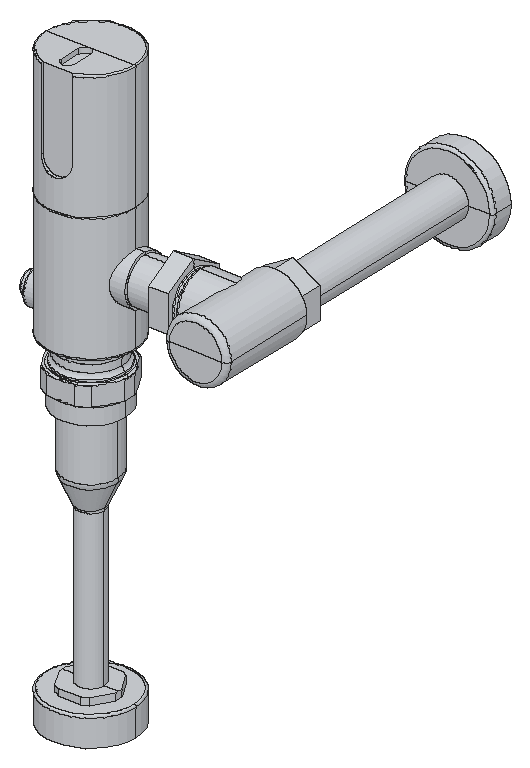
Revit family "Flushometer-Urinal_Touchless-KOHLER-MACH_WAVE-K-40UH00G20_1", category Plumbing Fixtures, host Face, Revit 2017 (continued)
Definition of nested family "K-40UH00G20"
  Automatic sketch dimensions
    plane 1 "Center (Front/Back)" to Masking region 1 sketch curve = 0"
    Masking region 1 sketch curve to plane 11 = 0"
    Masking region 1 sketch curve to Masking region 1 sketch curve = 0.08491"  (x2)
    plane 19 to Masking region 1 sketch curve = 0.37406"
    plane 19 to Masking region 1 sketch curve = 0.49141"
    plane 13 to Masking region 1 sketch curve = 0.13288"
    plane 7 to Masking region 1 sketch curve = 0.56264"
    Masking region 1 sketch curve to plane 7 = 0.56264"
    plane 18 to Masking region 1 sketch curve = 0.51667"
    plane 18 to Masking region 1 sketch curve = 0.49141"
    Masking region 1 sketch curve to Masking region 1 sketch curve = 0.11735"
    plane 18 to Masking region 1 sketch curve = 0.37406"
    Masking region 1 sketch curve to Masking region 1 sketch curve = 0.0484"  (x3)
    Masking region 1 sketch curve to Masking region 1 sketch curve = 0.05396"  (x2)
    Masking region 1 sketch curve to Masking region 1 sketch curve = 0.03442"  (x2)
    Masking region 1 sketch curve to plane 9 = 0.25394"  (x2)
    plane 9 to Masking region 1 sketch curve = 0.20459"  (x2)
    plane 8 to Masking region 1 sketch curve = 0.10236"  (x2)
    Masking region 1 sketch curve to plane 8 = 0.20548"  (x2)
    Masking region 1 sketch curve to Masking region 1 sketch curve = 0.07011"  (x2)
    plane 20 to Masking region 1 sketch curve = 0.05933"  (x2)
    Masking region 1 sketch curve to plane 10 = 0.3"  (x2)
    plane 10 to Masking region 1 sketch curve = 0.32205"  (x2)
    plane 10 to Masking region 1 sketch curve = 0.38227"
    Masking region 1 sketch curve to Masking region 1 sketch curve = 0.11563"
    Masking region 1 sketch curve to Masking region 1 sketch curve = 0.02005"
    Masking region 1 sketch curve to Masking region 1 sketch curve = 0.09499"
    Masking region 1 sketch curve to Masking region 1 sketch curve = 0.05143"
    Masking region 1 sketch curve to Masking region 1 sketch curve = 0.11441"
    Masking region 1 sketch curve to Masking region 1 sketch curve = 0.17374"
    plane 11 to Masking region 1 sketch curve = 0.61614"
    plane 11 to Masking region 1 sketch curve = 0.51168"
    Masking region 1 sketch curve to Masking region 1 sketch curve = 0.00555"
    Masking region 1 sketch curve to Masking region 1 sketch curve = 0.23387"
    curve 5 to curve 6 = 0"  (x2)
    curve 5 to curve 7 = 0"  (x2)
    curve 5 to curve 8 = 0"  (x2)
    curve 5 to curve 12 = 0"  (x2)
    curve 6 to curve 7 = 0"  (x2)
    curve 6 to curve 8 = 0"  (x2)
    curve 6 to curve 12 = 0"  (x2)
    curve 7 to curve 8 = 0"  (x2)
    curve 7 to curve 12 = 0"  (x2)
    curve 8 to curve 12 = 0"  (x2)
    curve 36 to plane 19 = 0"
    plane 23 to curve 35 = 0"
    plane 1 "Center (Front/Back)" to curve 34 = 0"
    curve 36 to plane 18 = 0"
    plane 1 "Center (Front/Back)" to curve 7 = 0"
    curve 7 to plane 9 = 0"
    curve 12 to plane 3 "Center (Left/Right)" = 0"
    curve 13 to plane 3 "Center (Left/Right)" = 0"
    curve 6 to plane 8 = 0"
    plane 1 "Center (Front/Back)" to curve 2 = 0"
    plane 19 to curve 29 = 0.58939"
    plane 7 to curve 31 = 0.16061"
    curve 27 to plane 7 = 0.16061"
    curve 32 to plane 7 = 0.4045"
    curve 33 to plane 1 "Center (Front/Back)" = 0.20585"
    curve 33 to plane 7 = 0.4045"
    curve 27 to curve 26 = 1/2"
    curve 33 to curve 34 = 0.26481"
    plane 11 to curve 11 = 0.11619"
    plane 3 "Center (Left/Right)" to curve 11 = 0.42988"
    plane 3 "Center (Left/Right)" to curve 15 = 0.18307"
    curve 14 to curve 9 = 0.24681"
    curve 4 to plane 8 = 0.09442"
    curve 3 to plane 8 = 0.09442"
    plane 20 to curve 2 = 0.03328"
    plane 10 to curve 30 = 0.32205"
    curve 27 to curve 30 = 0"
    plane 10 to curve 21 = 0.47726"
    curve 3 to plane 1 "Center (Front/Back)" = 0.18412"
    curve 5 to curve 13 = 0.20669"
    plane 11 to curve 23 = 0.47726"
    plane 11 to curve 16 = 0.45276"
    plane 13 to curve 79 = 0.14261"
    plane 19 to curve 79 = 0.37441"
    plane 7 to curve 35 = 0.56264"
    curve 29 to curve 25 = 0.09815"
    curve 25 to curve 26 = 0.09797"
    curve 35 to plane 7 = 0.56264"
    plane 18 to curve 32 = 0.37406"
    curve 26 to curve 33 = 0.21533"
    plane 18 to curve 79 = 0.37406"
    curve 20 to curve 19 = 0.10322"
    curve 23 to curve 18 = 0"
    curve 21 to curve 18 = 0"
    curve 17 to plane 9 = 0.25394"
    plane 9 to curve 7 = 0.20459"
    plane 9 to curve 8 = 0.20459"
    plane 8 to curve 6 = 0.10236"
    plane 8 to curve 5 = 0.10236"
    curve 2 to curve 3 = 0.18117"
    curve 36 to plane 23 = 0.08491"
    curve 29 to plane 10 = 0.3"
    curve 26 to plane 10 = 0.3"
    curve 28 to plane 10 = 0.3"
    curve 26 to curve 33 = 0.11563"
    curve 19 to curve 20 = 0.03442"
    curve 21 to curve 18 = 0.13888"
    curve 7 to curve 17 = 0.05143"
    curve 1 to curve 3 = 0.12677"
    curve 22 to plane 1 "Center (Front/Back)" = 0.05692"
    plane 1 "Center (Front/Back)" to curve 24 = 0.05692"
    curve 4 to curve 1 = 0.12677"
    curve 17 to curve 8 = 0.05143"
    curve 18 to curve 23 = 0.13888"
    curve 20 to curve 19 = 0.03442"
    plane 11 to curve 32 = 0.43768"
    curve 9 to curve 12 = 0.00543"
    curve 12 to curve 11 = 0.03452"
    curve 12 to curve 10 = 0.03452"
    Revolve 11 sketch curve to level = 0"
    Revolve 11 sketch curve to plane 3 "Center (Left/Right)" = 0"  (x2)
    plane 9 to Revolve 11 sketch curve = 0"  (x3)
    plane 3 "Center (Left/Right)" to Revolve 11 sketch curve = 3/8"
    Revolve 11 sketch curve to Revolve 11 sketch curve = 0.01565"
    plane 3 "Center (Left/Right)" to Revolve 11 sketch curve = 0.41839"
    Revolve 11 sketch curve to Revolve 11 sketch curve = 0.15135"
    Revolve 11 sketch curve to Revolve 11 sketch curve = 0.30762"
    plane 9 to Revolve 11 sketch curve = 63/128"
    plane 9 to Revolve 11 sketch curve = 0.38333"
    plane 9 to Revolve 11 sketch curve = 0.32591"
    plane 16 to Revolve 11 sketch curve = 1/128"
    Revolve 11 sketch curve to Revolve 11 sketch curve = 0.07563"
    Revolve 11 sketch curve to Revolve 11 sketch curve = 0.22644"
    Revolve 11 sketch curve to Revolve 11 sketch curve = 0.05918"
    Revolve 11 sketch curve to plane 17 = 0.00832"
    Revolve 11 sketch curve to Revolve 11 sketch curve = 0.02806"
    plane 17 to Revolve 11 sketch curve = 0.03176"
    Revolve 11 sketch curve to Revolve 11 sketch curve = 0.09501"
    plane 16 to Revolve 11 sketch curve = 0.02105"
    Revolve 11 sketch curve to Revolve 11 sketch curve = 0.07509"
    plane 9 to Revolve 11 sketch curve = 0.11631"
    Revolve 11 sketch curve to Revolve 11 sketch curve = 0.05712"
    plane 16 to Revolve 11 sketch curve = 0.04719"
    Revolve 11 sketch curve to Revolve 11 sketch curve = 0.0147"  (x2)
    Revolve 11 sketch curve to plane 17 = 0.05784"
    Revolve 11 sketch curve to Revolve 11 sketch curve = 11/256"
    plane 9 to Revolve 11 sketch curve = 0.06795"
    plane 9 to Revolve 11 sketch curve = 0.05891"
    plane 9 to Revolve 11 sketch curve = 0.03642"
    Revolve 11 sketch curve to Revolve 11 sketch curve = 0.03287"
    Revolve 11 sketch curve to Revolve 11 sketch curve = 0.03235"
    Revolve 11 sketch curve to Revolve 11 sketch curve = 0.02814"
    level to Revolve 11 sketch curve = 0.75359"
    Revolve 11 sketch curve to Revolve 11 sketch curve = 3/16"
    plane 17 to Revolve 11 sketch curve = 3.01711"
    Revolve 11 sketch curve to Revolve 11 sketch curve = 0.71919"
    plane 17 to Revolve 11 sketch curve = 0.47885"
    Revolve 11 sketch curve to plane 16 = 0.03563"
    Revolve 11 sketch curve to Revolve 11 sketch curve = 0.20814"
    plane 14 to Revolve 11 sketch curve = 0.44548"
    Revolve 11 sketch curve to plane 6 = 2 3/4"
    Revolve 11 sketch curve to Revolve 11 sketch curve = 2 3/4"
    Masking region 3 sketch curve to plane 13 = 0"
    Masking region 3 sketch curve to plane 11 = 0"  (x4)
    plane 16 to Masking region 3 sketch curve = 0"  (x2)
    plane 17 to Masking region 3 sketch curve = 0"  (x2)
    Masking region 3 sketch curve to plane 10 = 0"  (x4)
    Masking region 3 sketch curve to plane 23 = 0"
    Masking region 3 sketch curve to plane 14 = 0"
    Masking region 3 sketch curve to plane 13 = 0.60717"
    plane 13 to Masking region 3 sketch curve = 0.14718"  (x2)
    Masking region 3 sketch curve to Masking region 3 sketch curve = 0.02816"  (x2)
    plane 11 to Masking region 3 sketch curve = 0.0311"
    plane 11 to Masking region 3 sketch curve = 0.0361"
    plane 11 to Masking region 3 sketch curve = 0.05371"
    Masking region 3 sketch curve to Masking region 3 sketch curve = 0.05988"  (x2)
    Masking region 3 sketch curve to Masking region 3 sketch curve = 0.04483"
    plane 6 to Masking region 3 sketch curve = 0.0382"
    plane 11 to Masking region 3 sketch curve = 0.07624"
    plane 11 to Masking region 3 sketch curve = 0.20067"
    Masking region 3 sketch curve to Masking region 3 sketch curve = 0.01587"
    Masking region 3 sketch curve to Masking region 3 sketch curve = 0.04921"  (x2)
    Masking region 3 sketch curve to plane 16 = 0.03563"  (x2)
    Masking region 3 sketch curve to Masking region 3 sketch curve = 0.09116"
    Masking region 3 sketch curve to Masking region 3 sketch curve = 0.18237"
    Masking region 3 sketch curve to Masking region 3 sketch curve = 0.22644"
    Masking region 3 sketch curve to Masking region 3 sketch curve = 0.45743"
    Masking region 3 sketch curve to Masking region 3 sketch curve = 0.03497"
    plane 11 to Masking region 3 sketch curve = 0.62119"
    Masking region 3 sketch curve to Masking region 3 sketch curve = 0.23025"  (x2)
    Masking region 3 sketch curve to Masking region 3 sketch curve = 0.3732"
    Masking region 3 sketch curve to Masking region 3 sketch curve = 0.0238"  (x2)
    Masking region 3 sketch curve to plane 1 "Center (Front/Back)" = 0.37476"
    Masking region 3 sketch curve to plane 1 "Center (Front/Back)" = 0.38461"
    Masking region 3 sketch curve to Masking region 3 sketch curve = 0.33824"
    Masking region 3 sketch curve to Masking region 3 sketch curve = 0.35793"
    plane 10 to Masking region 3 sketch curve = 63/128"
    plane 10 to Masking region 3 sketch curve = 0.38304"
    Masking region 3 sketch curve to Masking region 3 sketch curve = 0.07534"
    plane 10 to Masking region 3 sketch curve = 0.26575"
    Masking region 3 sketch curve to Masking region 3 sketch curve = 0.10702"
    plane 10 to Masking region 3 sketch curve = 0.07299"
    plane 10 to Masking region 3 sketch curve = 0.05371"
    plane 6 to Masking region 3 sketch curve = 0.04025"
    Masking region 3 sketch curve to Masking region 3 sketch curve = 0.03503"
    Masking region 3 sketch curve to Masking region 3 sketch curve = 0.03194"
    Masking region 3 sketch curve to plane 14 = 0.0804"
    Masking region 3 sketch curve to plane 5 = 0.0179"
    level to Masking region 3 sketch curve = 0.75262"
    Masking region 3 sketch curve to Masking region 3 sketch curve = 0.75262"
    Masking region 3 sketch curve to Masking region 3 sketch curve = 3/16"  (x2)
    plane 17 to Masking region 3 sketch curve = 3.04236"
    Masking region 3 sketch curve to Masking region 3 sketch curve = 0"
    Masking region 3 sketch curve to Masking region 3 sketch curve = 0.69543"  (x2)
    plane 17 to Masking region 3 sketch curve = 0.47885"  (x2)
    Masking region 3 sketch curve to Masking region 3 sketch curve = 0.18862"  (x2)
    plane 22 to Masking region 3 sketch curve = 0.14583"
    Masking region 3 sketch curve to plane 22 = 0.1665"
    plane 4 "A" to Masking region 3 sketch curve = 0.56196"
    Masking region 3 sketch curve to plane 14 = 0.52288"
    Masking region 3 sketch curve to plane 14 = 0.37406"
    plane 14 to Masking region 3 sketch curve = 0.4426"
    Masking region 3 sketch curve to Masking region 3 sketch curve = 0.82671"
    Revolve 12 sketch curve to plane 8 = 0"  (x2)
    Revolve 12 sketch curve to level = 0"
    Revolve 12 sketch curve to plane 3 "Center (Left/Right)" = 0"  (x2)
    plane 8 to Revolve 12 sketch curve = 63/128"
    Revolve 12 sketch curve to plane 3 "Center (Left/Right)" = 3/8"
    Revolve 12 sketch curve to Revolve 12 sketch curve = 0.81496"
    plane 17 to Revolve 12 sketch curve = 2.95353"
    plane 17 to Revolve 12 sketch curve = 0.47885"
    Revolve 12 sketch curve to Revolve 12 sketch curve = 1 1/2"
    Revolve 12 sketch curve to Revolve 12 sketch curve = 1"
    Revolve 13 sketch curve to plane 7 = 0"
    Revolve 13 sketch curve to Revolve 13 sketch curve = 0.3133"
    plane 12 to Revolve 13 sketch curve = 0.84583"
    Revolve 13 sketch curve to Revolve 13 sketch curve = 1/2"
    Revolve 3 sketch curve to Revolve 3 sketch curve = 0.05745"
    Masking region 2 sketch curve to plane 20 = 0"
    Masking region 2 sketch curve to plane 22 = 0"
    Masking region 2 sketch curve to plane 8 = 0"  (x4)
    Masking region 2 sketch curve to plane 16 = 0"
    Masking region 2 sketch curve to plane 17 = 0"
    plane 9 to Masking region 2 sketch curve = 0"  (x4)
    Masking region 2 sketch curve to plane 4 "A" = 0"
    Masking region 2 sketch curve to plane 7 = 0"
    plane 20 to Masking region 2 sketch curve = 0.06015"
    Masking region 2 sketch curve to Masking region 2 sketch curve = 0.06015"
    Masking region 2 sketch curve to Masking region 2 sketch curve = 0.16426"  (x2)
    Masking region 2 sketch curve to Masking region 2 sketch curve = 0.02512"
    Masking region 2 sketch curve to Masking region 2 sketch curve = 0.0612"
    Masking region 2 sketch curve to plane 8 = 0.09402"
    Masking region 2 sketch curve to plane 22 = 0.03555"
    Masking region 2 sketch curve to Masking region 2 sketch curve = 0.05138"
    plane 8 to Masking region 2 sketch curve = 0.02746"
    plane 8 to Masking region 2 sketch curve = 0.03129"
    Masking region 2 sketch curve to Masking region 2 sketch curve = 0.00106"
    Masking region 2 sketch curve to Masking region 2 sketch curve = 0.03607"  (x2)
    plane 8 to Masking region 2 sketch curve = 0.05773"
    plane 8 to Masking region 2 sketch curve = 0.07626"
    plane 8 to Masking region 2 sketch curve = 0.16319"
    Masking region 2 sketch curve to Masking region 2 sketch curve = 0.04228"
    Masking region 2 sketch curve to Masking region 2 sketch curve = 0.00475"
    Masking region 2 sketch curve to Masking region 2 sketch curve = 0.06286"
    plane 8 to Masking region 2 sketch curve = 0.26575"
    Masking region 2 sketch curve to Masking region 2 sketch curve = 0.10223"  (x2)
    Masking region 2 sketch curve to Masking region 2 sketch curve = 0.07532"  (x2)
    Masking region 2 sketch curve to Masking region 2 sketch curve = 13/32"
    plane 8 to Masking region 2 sketch curve = 63/128"
    Masking region 2 sketch curve to Masking region 2 sketch curve = 0.02861"  (x2)
    Masking region 2 sketch curve to plane 3 "Center (Left/Right)" = 0.51608"
    Masking region 2 sketch curve to Masking region 2 sketch curve = 0.27675"  (x2)
    Masking region 2 sketch curve to Masking region 2 sketch curve = 0.12786"  (x2)
    Masking region 2 sketch curve to Masking region 2 sketch curve = 0.01322"  (x2)
    plane 3 "Center (Left/Right)" to Masking region 2 sketch curve = 3/8"
    plane 3 "Center (Left/Right)" to Masking region 2 sketch curve = 0.45245"
    Masking region 2 sketch curve to Masking region 2 sketch curve = 0.41103"
    plane 9 to Masking region 2 sketch curve = 0.38302"
    Masking region 2 sketch curve to plane 16 = 0.03563"  (x2)
    Masking region 2 sketch curve to Masking region 2 sketch curve = 0.22644"
    plane 17 to Masking region 2 sketch curve = 0.0397"
    Masking region 2 sketch curve to Masking region 2 sketch curve = 0.1728"
    plane 16 to Masking region 2 sketch curve = 0.04228"
    plane 9 to Masking region 2 sketch curve = 0.07626"
    Masking region 2 sketch curve to Masking region 2 sketch curve = 0.05773"
    Masking region 2 sketch curve to Masking region 2 sketch curve = 0.03235"
    Masking region 2 sketch curve to Masking region 2 sketch curve = 0.03129"
    Masking region 2 sketch curve to Masking region 2 sketch curve = 0.02746"
    Masking region 2 sketch curve to plane 9 = 0.25394"  (x2)
    Masking region 2 sketch curve to plane 22 = 0.09489"
    plane 22 to Masking region 2 sketch curve = 0.00986"
    plane 25 to Masking region 2 sketch curve = 0.03302"
    Masking region 2 sketch curve to Masking region 2 sketch curve = 0.03381"
    Masking region 2 sketch curve to Masking region 2 sketch curve = 0.0702"
    Masking region 2 sketch curve to Masking region 2 sketch curve = 0.0694"
    Masking region 2 sketch curve to Masking region 2 sketch curve = 0.05689"  (x2)
    plane 22 to Masking region 2 sketch curve = 0.02587"
    Masking region 2 sketch curve to plane 18 = 0.0569"
    Masking region 2 sketch curve to Masking region 2 sketch curve = 0.04087"
    plane 18 to Masking region 2 sketch curve = 0.29977"
    plane 22 to Masking region 2 sketch curve = 0.08367"
    level to Masking region 2 sketch curve = 0.75477"  (x2)
    Masking region 2 sketch curve to Masking region 2 sketch curve = 3/16"  (x2)
    Masking region 2 sketch curve to Masking region 2 sketch curve = 2.53431"
    Masking region 2 sketch curve to Masking region 2 sketch curve = 0"  (x2)
    Masking region 2 sketch curve to Masking region 2 sketch curve = 0.73124"  (x2)
    Masking region 2 sketch curve to Masking region 2 sketch curve = 0.43915"
    Masking region 2 sketch curve to Masking region 2 sketch curve = 0.21605"  (x2)
    Masking region 2 sketch curve to Masking region 2 sketch curve = 0.12445"
    Masking region 2 sketch curve to Masking region 2 sketch curve = 0.12282"
    Masking region 2 sketch curve to plane 5 = 0.18553"
    plane 22 to Masking region 2 sketch curve = 0.2083"
    Masking region 2 sketch curve to plane 22 = 0.04318"
    Masking region 2 sketch curve to Masking region 2 sketch curve = 0.07381"
    Masking region 2 sketch curve to Masking region 2 sketch curve = 0.0578"
    plane 14 to Masking region 2 sketch curve = 0.44707"  (x2)
    Masking region 2 sketch curve to Masking region 2 sketch curve = 0.03039"
    curve 68 to curve 75 = 0.55118"
    Masking region 1 sketch curve to plane 18 = 0.0523"  (x2)
    Masking region 1 sketch curve to Masking region 1 sketch curve = 0.06879"  (x2)
    Masking region 1 sketch curve to Masking region 1 sketch curve = 0.55118"  (x2)
    Masking region 2 sketch curve to plane 25 = 0"  (x2)
    Revolve 16 sketch curve to plane 3 "Center (Left/Right)" = 0"
    Revolve 16 sketch curve to plane 7 = 0"
    Revolve 16 sketch curve to plane 14 = 0.43786"
    Revolve 16 sketch curve to plane 14 = 0.24803"
    Revolve 16 sketch curve to Revolve 16 sketch curve = 1/2"
    Revolve 16 sketch curve to plane 8 = 1/4"
    radius of Extrusion 1 sketch curve = 1.31929"
    radius of Extrusion 2 sketch curve = 1.08041"
    radius of Extrusion 5 sketch curve = 1.18947"
    radius of Extrusion 6 sketch curve = 1.06894"
    radius of Extrusion 14 sketch curve = 0.49459"
    radius of Extrusion 15 sketch curve = 0.22469"
Definition of nested family "K-40UH00G20_RF"
  Parameters (values of type "K-40UH00D20_RF")
    Material = none
  Reference planes (in)
    plane 1 "Center (Front/Back)": y = 0
    plane 2: z = 0
    plane 3 "Center (Left/Right)": x = 0
    plane 4: x = -1.25
    plane 5: x = 1.25
    plane 6: y = 1.25
    plane 7: y = -1.25
    plane 8: x = 3.5
    plane 9: x = -1.75
    plane 10: z = 8.0625
    plane 11: z = 2.75
    plane 12: z = 1.625
    plane 13: z = 3.41339
    plane 14: z = 2.08661
  Forms (in)
    Revolve 1, solid, material <- "Material", detail levels medium+fine
      sketch origin (0, 0, 0) x (1, 0, 0) y (0, 0, 1)
        loop
          line (-0.88082, 0) -> (0, 0) -> (0, 8.0625) -> (-1.14375, 8.0625)
          arc (-1.14375, 8.0625) -> (-1.21888, 8.03138) -> (-1.25, 7.95625) r 0.10625
          line (-1.25, 7.95625) -> (-1.25, 4.50787) -> (-1.21881, 4.50787)
          arc (-1.21881, 4.50787) -> (-1.24098, 4.4975) -> (-1.25, 4.47475) r 0.03319
          line (-1.25, 4.47475) -> (-1.25, 0.99317)
          arc (-1.25, 0.99317) -> (-1.23586, 0.95902) -> (-1.20172, 0.94488) r 0.04828
          line (-1.20172, 0.94488) -> (-1.14484, 0.94488)
          arc (-1.14484, 0.94488) -> (-0.94613, 0.8404) -> (-0.86657, 0.63047) r 0.31676
          line (-0.86657, 0.63047) -> (-0.86657, 0.39337)
          arc (-0.86657, 0.39337) -> (-0.88525, 0.32461) -> (-0.93614, 0.27475) r 0.13591
          line (-0.93614, 0.27475) -> (-0.93614, 0.05532)
          arc (-0.93614, 0.05532) -> (-0.91994, 0.0162) -> (-0.88082, 0) r 0.05532
        axis (0, 8.0625) -> (0, 0)
      angle from 0 to 360
    Revolve 2, solid, material <- "Material", detail levels medium+fine
      sketch origin (0, 0, 0) x (1, 0, 0) y (0, 0, 1)
        loop
          line (-1.56851, 1.90216) -> (-1.72648, 1.90216)
          arc (-1.72648, 1.90216) -> (-1.74311, 1.89527) -> (-1.75, 1.87864) r 0.02352
          line (-1.75, 1.87864) -> (-1.75, 1.625) -> (-0.80386, 1.625) -> (-0.80386, 2.12686) -> (-1.50097, 2.12686)
          arc (-1.50097, 2.12686) -> (-1.51838, 2.11965) -> (-1.52559, 2.10224) r 0.02462
          line (-1.52559, 2.10224) -> (-1.52559, 1.94508)
          arc (-1.52559, 1.94508) -> (-1.53816, 1.91473) -> (-1.56851, 1.90216) r 0.04292
        axis (-1.75, 1.625) -> (-0.80386, 1.625)
      angle from 0 to 360
    Revolve 3, solid, material <- "Material", detail levels medium+fine
      sketch origin (0, 0, 0) x (1, 0, 0) y (0, 0, 1)
        loop
          arc (3.5, 3.69017) -> (3.47483, 3.75093) -> (3.41406, 3.7761) r 0.08594
          line (3.41406, 3.7761) -> (3.02725, 3.7761)
          arc (3.02725, 3.7761) -> (2.96622, 3.75083) -> (2.94094, 3.6898) r 0.08631
          line (2.94094, 3.6898) -> (2.94094, 3.41339) -> (1.50394, 3.41339)
          arc (1.50394, 3.41339) -> (1.48689, 3.45104) -> (1.44853, 3.46644) r 0.05546
          line (1.44853, 3.46644) -> (0, 3.46644) -> (0, 2.75) -> (3.5, 2.75) -> (3.5, 3.69017)
        axis (0, 2.75) -> (3.5, 2.75)
      angle from 0 to 360
    Extrusion 4, void
      sketch origin (0, 0, 0) x (1, 0, 0) y (0, 0, 1)
        loop
          line (-1.50119, 2.08661) -> (-1.36715, 2.08661)
          arc (-1.36715, 2.08661) -> (-1.35018, 2.09038) -> (-1.33639, 2.10096) r 0.04016
          line (-1.33639, 2.10096) -> (-1.29886, 2.14569) -> (-1.52559, 2.14569) -> (-1.52559, 2.06221)
          arc (-1.52559, 2.06221) -> (-1.51844, 2.07947) -> (-1.50119, 2.08661) r 0.0244
        loop
          arc (-1.50119, 1.16339) -> (-1.51844, 1.17053) -> (-1.52559, 1.18779) r 0.0244
          line (-1.52559, 1.18779) -> (-1.52559, 1.10431) -> (-1.29886, 1.10431) -> (-1.33639, 1.14904)
          arc (-1.33639, 1.14904) -> (-1.35018, 1.15962) -> (-1.36715, 1.16339) r 0.04016
          line (-1.36715, 1.16339) -> (-1.50119, 1.16339)
      from -0.68678 to 0.88583
    Extrusion 5, void
      sketch origin (0, 0, 0) x (0, 1, 0) y (0, 0, 1)
        loop
          line (0.07137, 3.73166) -> (-0.07137, 3.73166) -> (-0.81446, 3.30264) -> (-0.88583, 3.17903) -> (-0.88583, 2.32097) -> (-0.81446, 2.19736) -> (-0.05091, 1.75653) -> (0.05091, 1.75653) -> (0.81446, 2.19736) -> (0.88583, 2.32097) -> (0.88583, 3.17903) -> (0.81446, 3.30264) -> (0.07137, 3.73166)
        loop
          circle (0, 2.75) r 1.31266
      from 2.77746 to 3.82054
    Extrusion 6, void
      sketch origin (0, 0, 0) x (1, 0, 0) y (0, 1, 0)
        loop
          line (-0.1811, -0.20669) -> (-0.1811, -0.79724)
          arc (-0.1811, -0.79724) -> (0, -0.97835) -> (0.1811, -0.79724) r 0.1811
          line (0.1811, -0.79724) -> (0.1811, -0.20669)
          arc (0.1811, -0.20669) -> (0, -0.02559) -> (-0.1811, -0.20669) r 0.1811
      from 8.01842 to 8.37387
    Sweep 7, void
      path origin (0, 0, 0) x (0, 1, 0) y (0, 0, 1)
        loop
          line (-1.18134, 9.15133) -> (-1.18134, 5.77936)
          arc (-1.18134, 5.77936) -> (-1.23122, 5.4282) -> (-1.37691, 5.10481) r 1.26114
      profile origin (0, -1.18134, 7.46535) x (1, 0, 0) y (0, 1, 0)
        loop
          line (0.43832, 0) -> (-0.43832, 0) -> (-0.43832, -0.13731) -> (0.43832, -0.13731) -> (0.43832, 0)
    Revolve 8, solid, material <- "Material", detail levels coarse
      sketch origin (0, 0, 0) x (1, 0, 0) y (0, 0, 1)
        loop
          line (-1.25, 8.0625) -> (-1.25, 0.94488) -> (-0.93614, 0.94488) -> (-0.93614, 0) -> (0, 0) -> (0, 8.0625) -> (-1.25, 8.0625)
        axis (0, 8.0625) -> (0, 0)
      angle from 0 to 360
    Revolve 9, solid, material <- "Material", detail levels coarse
      sketch origin (0, 0, 0) x (1, 0, 0) y (0, 0, 1)
        loop
          line (0, 3.41339) -> (0, 2.75) -> (3.5, 2.75) -> (3.5, 3.73166) -> (2.94094, 3.73166) -> (2.94094, 3.41339) -> (0, 3.41339)
        axis (0, 2.75) -> (3.5, 2.75)
      angle from 0 to 360
    Revolve 10, solid, material <- "Material", detail levels coarse
      sketch origin (0, 0, 0) x (1, 0, 0) y (0, 0, 1)
        loop
          line (-1.75, 2.08661) -> (-1.75, 1.625) -> (-0.84874, 1.625) -> (-0.84874, 2.08661) -> (-1.75, 2.08661)
        axis (-1.75, 1.625) -> (-0.84874, 1.625)
      angle from 0 to 360
    Extrusion 11, solid, material <- "Material", detail levels medium+fine
      sketch origin (0, 0, 0) x (0, 1, 0) y (0, 0, 1)
        loop
          circle (0, 2.75) r 0.09716
      from 3.30818 to 3.5
  Cuts and joins
    Extrusion 6, Sweep 7 cuts Revolve 1
    Extrusion 4 cuts Revolve 2
    Extrusion 5 cuts Revolve 3
    joined: Revolve 1, Revolve 2, Revolve 3
  Lines and regions (in)
    Masking region 1
      outline origin (0, 0, 0) x (1, 0, 0) y (0, 0, 1)
        loop
          line (-0.93614, 0.27475) -> (-0.93614, 0.05532)
          arc (-0.93614, 0.05532) -> (-0.91994, 0.0162) -> (-0.88082, 0) r 0.05532
          line (-0.88082, 0) -> (0.88082, 0)
          arc (0.88082, 0) -> (0.91994, 0.0162) -> (0.93614, 0.05532) r 0.05532
          line (0.93614, 0.05532) -> (0.93614, 0.27475)
          arc (0.93614, 0.27475) -> (0.88525, 0.32461) -> (0.86657, 0.39337) r 0.13591
          line (0.86657, 0.39337) -> (0.86657, 0.63047)
          arc (0.86657, 0.63047) -> (0.94613, 0.8404) -> (1.14484, 0.94488) r 0.31676
          line (1.14484, 0.94488) -> (1.20172, 0.94488)
          arc (1.20172, 0.94488) -> (1.23586, 0.95902) -> (1.25, 0.99317) r 0.04828
          line (1.25, 0.99317) -> (1.25, 1.8773)
          arc (1.25, 1.8773) -> (1.29576, 1.98778) -> (1.40625, 2.03355) r 0.15625
          line (1.40625, 2.03355) -> (1.44594, 2.03355)
          arc (1.44594, 2.03355) -> (1.48524, 2.04882) -> (1.50394, 2.08661) r 0.05823
          line (1.50394, 2.08661) -> (2.94094, 2.08661) -> (2.94094, 1.8236)
          arc (2.94094, 1.8236) -> (2.95713, 1.78452) -> (2.9962, 1.76834) r 0.05526
          line (2.9962, 1.76834) -> (3.44424, 1.76834)
          arc (3.44424, 1.76834) -> (3.48367, 1.78467) -> (3.5, 1.82409) r 0.05576
          line (3.5, 1.82409) -> (3.5, 3.67591)
          arc (3.5, 3.67591) -> (3.48367, 3.71533) -> (3.44424, 3.73166) r 0.05576
          line (3.44424, 3.73166) -> (2.9962, 3.73166)
          arc (2.9962, 3.73166) -> (2.95713, 3.71548) -> (2.94094, 3.6764) r 0.05526
          line (2.94094, 3.6764) -> (2.94094, 3.41339) -> (1.50394, 3.41339)
          arc (1.50394, 3.41339) -> (1.48524, 3.45118) -> (1.44594, 3.46645) r 0.05823
          line (1.44594, 3.46645) -> (1.40682, 3.46645)
          arc (1.40682, 3.46645) -> (1.29593, 3.51238) -> (1.25, 3.62327) r 0.15682
          line (1.25, 3.62327) -> (1.25, 4.47475)
          arc (1.25, 4.47475) -> (1.24098, 4.4975) -> (1.21881, 4.50787) r 0.03319
          line (1.21881, 4.50787) -> (1.25, 4.50787) -> (1.25, 7.95625)
          arc (1.25, 7.95625) -> (1.21888, 8.03138) -> (1.14375, 8.0625) r 0.10625
          line (1.14375, 8.0625) -> (-1.14375, 8.0625)
          arc (-1.14375, 8.0625) -> (-1.21888, 8.03138) -> (-1.25, 7.95625) r 0.10625
          line (-1.25, 7.95625) -> (-1.25, 4.50787) -> (-1.21881, 4.50787)
          arc (-1.21881, 4.50787) -> (-1.24098, 4.4975) -> (-1.25, 4.47475) r 0.03319
          line (-1.25, 4.47475) -> (-1.25, 2.12686) -> (-1.31466, 2.12686) -> (-1.33639, 2.10096)
          arc (-1.33639, 2.10096) -> (-1.35018, 2.09038) -> (-1.36715, 2.08661) r 0.04016
          line (-1.36715, 2.08661) -> (-1.50283, 2.08661)
          arc (-1.50283, 2.08661) -> (-1.51937, 2.07976) -> (-1.52623, 2.06322) r 0.0234
          line (-1.52623, 2.06322) -> (-1.52623, 1.94441)
          arc (-1.52623, 1.94441) -> (-1.53855, 1.91466) -> (-1.56831, 1.90233) r 0.04208
          line (-1.56831, 1.90233) -> (-1.72594, 1.90233)
          arc (-1.72594, 1.90233) -> (-1.74295, 1.89529) -> (-1.75, 1.87827) r 0.02406
          line (-1.75, 1.87827) -> (-1.75, 1.625) -> (-1.75, 1.37173)
          arc (-1.75, 1.37173) -> (-1.74295, 1.35471) -> (-1.72594, 1.34767) r 0.02406
          line (-1.72594, 1.34767) -> (-1.56831, 1.34767)
          arc (-1.56831, 1.34767) -> (-1.53855, 1.33534) -> (-1.52623, 1.30559) r 0.04208
          line (-1.52623, 1.30559) -> (-1.52623, 1.18678)
          arc (-1.52623, 1.18678) -> (-1.51937, 1.17024) -> (-1.50283, 1.16339) r 0.0234
          line (-1.50283, 1.16339) -> (-1.36715, 1.16339)
          arc (-1.36715, 1.16339) -> (-1.35018, 1.15962) -> (-1.33639, 1.14904) r 0.04016
          line (-1.33639, 1.14904) -> (-1.31466, 1.12314) -> (-1.25, 1.12314) -> (-1.25, 0.99317)
          arc (-1.25, 0.99317) -> (-1.23586, 0.95902) -> (-1.20172, 0.94488) r 0.04828
          line (-1.20172, 0.94488) -> (-1.14484, 0.94488)
          arc (-1.14484, 0.94488) -> (-0.94613, 0.8404) -> (-0.86657, 0.63047) r 0.31676
          line (-0.86657, 0.63047) -> (-0.86657, 0.39337)
          arc (-0.86657, 0.39337) -> (-0.88525, 0.32461) -> (-0.93614, 0.27475) r 0.13591
    Masking region 2
      outline origin (0, 0, 0) x (1, 0, 0) y (0, 1, 0)
        loop
          line (-1.14484, 0.50183) -> (-1.49599, 0.50183)
          arc (-1.49599, 0.50183) -> (-1.51709, 0.49309) -> (-1.52583, 0.472) r 0.02983
          line (-1.52583, 0.472) -> (-1.52583, 0.3243)
          arc (-1.52583, 0.3243) -> (-1.5396, 0.29104) -> (-1.57287, 0.27726) r 0.04704
          line (-1.57287, 0.27726) -> (-1.7247, 0.27726)
          arc (-1.7247, 0.27726) -> (-1.74259, 0.26985) -> (-1.75, 0.25196) r 0.0253
          line (-1.75, 0.25196) -> (-1.75, -0.25196)
          arc (-1.75, -0.25196) -> (-1.74259, -0.26985) -> (-1.7247, -0.27726) r 0.0253
          line (-1.7247, -0.27726) -> (-1.57287, -0.27726)
          arc (-1.57287, -0.27726) -> (-1.5396, -0.29104) -> (-1.52583, -0.3243) r 0.04704
          line (-1.52583, -0.3243) -> (-1.52583, -0.472)
          arc (-1.52583, -0.472) -> (-1.51709, -0.49309) -> (-1.49599, -0.50183) r 0.02983
          line (-1.49599, -0.50183) -> (-1.14484, -0.50183)
          arc (-1.14484, -0.50183) -> (-0.68382, -1.04637) -> (0, -1.25) r 1.25
          arc (0, -1.25) -> (0.57744, -1.10863) -> (1.02427, -0.71651) r 1.25
          line (1.02427, -0.71651) -> (1.44979, -0.71651)
          arc (1.44979, -0.71651) -> (1.48772, -0.70101) -> (1.50394, -0.66339) r 0.05415
          line (1.50394, -0.66339) -> (2.94094, -0.66339) -> (2.94094, -0.81485)
          arc (2.94094, -0.81485) -> (2.96173, -0.86504) -> (3.01192, -0.88583) r 0.07098
          line (3.01192, -0.88583) -> (3.42969, -0.88583)
          arc (3.42969, -0.88583) -> (3.47941, -0.86523) -> (3.5, -0.81551) r 0.07031
          line (3.5, -0.81551) -> (3.5, 0.81551)
          arc (3.5, 0.81551) -> (3.47941, 0.86523) -> (3.42969, 0.88583) r 0.07031
          line (3.42969, 0.88583) -> (3.01192, 0.88583)
          arc (3.01192, 0.88583) -> (2.96173, 0.86504) -> (2.94094, 0.81485) r 0.07098
          line (2.94094, 0.81485) -> (2.94094, 0.66339) -> (1.50394, 0.66339)
          arc (1.50394, 0.66339) -> (1.48772, 0.70101) -> (1.44979, 0.71651) r 0.05415
          line (1.44979, 0.71651) -> (1.02427, 0.71651)
          arc (1.02427, 0.71651) -> (0.57744, 1.10863) -> (0, 1.25) r 1.25
          arc (0, 1.25) -> (-0.68382, 1.04637) -> (-1.14484, 0.50183) r 1.25
    Masking region 3
      outline origin (0, 0, 0) x (0, 1, 0) y (0, 0, 1)
        loop
          arc (0.93614, 0.27475) -> (0.88525, 0.32461) -> (0.86657, 0.39337) r 0.13591
          line (0.86657, 0.39337) -> (0.86657, 0.63047)
          arc (0.86657, 0.63047) -> (0.94613, 0.8404) -> (1.14484, 0.94488) r 0.31676
          line (1.14484, 0.94488) -> (1.20172, 0.94488)
          arc (1.20172, 0.94488) -> (1.23586, 0.95902) -> (1.25, 0.99317) r 0.04828
          line (1.25, 0.99317) -> (1.25, 1.12621) -> (1.25, 4.47475)
          arc (1.25, 4.47475) -> (1.24098, 4.4975) -> (1.21881, 4.50787) r 0.03319
          line (1.21881, 4.50787) -> (1.25, 4.50787) -> (1.25, 7.95625)
          arc (1.25, 7.95625) -> (1.21888, 8.03138) -> (1.14375, 8.0625) r 0.10625
          line (1.14375, 8.0625) -> (-1.07588, 8.0625)
          arc (-1.07588, 8.0625) -> (-1.15045, 8.03161) -> (-1.18134, 7.95703) r 0.10547
          line (-1.18134, 7.95703) -> (-1.18134, 5.77936)
          arc (-1.18134, 5.77936) -> (-1.19863, 5.5713) -> (-1.25, 5.36893) r 1.26114
          line (-1.25, 5.36893) -> (-1.25, 4.50787) -> (-1.21881, 4.50787)
          arc (-1.21881, 4.50787) -> (-1.24098, 4.4975) -> (-1.25, 4.47475) r 0.03319
          line (-1.25, 4.47475) -> (-1.25, 1.12621) -> (-1.25, 0.99317)
          arc (-1.25, 0.99317) -> (-1.23586, 0.95902) -> (-1.20172, 0.94488) r 0.04828
          line (-1.20172, 0.94488) -> (-1.14484, 0.94488)
          arc (-1.14484, 0.94488) -> (-0.94613, 0.8404) -> (-0.86657, 0.63047) r 0.31676
          line (-0.86657, 0.63047) -> (-0.86657, 0.39337)
          arc (-0.86657, 0.39337) -> (-0.88525, 0.32461) -> (-0.93614, 0.27475) r 0.13591
          line (-0.93614, 0.27475) -> (-0.93614, 0.05532)
          arc (-0.93614, 0.05532) -> (-0.91994, 0.0162) -> (-0.88082, 0) r 0.05532
          line (-0.88082, 0) -> (0.88082, 0)
          arc (0.88082, 0) -> (0.91994, 0.0162) -> (0.93614, 0.05532) r 0.05532
          line (0.93614, 0.05532) -> (0.93614, 0.27475)
    symbolic lines, detail levels medium+fine
      curve 1: line (-0.93614, 0, 0.27475) -> (0.93614, 0, 0.27475)
      curve 2: line (-0.93614, 0, 0.05532) -> (0.93614, 0, 0.05532)
      curve 3: line (-1.14484, 0, 0.94488) -> (1.14484, 0, 0.94488)
      curve 4: line (-0.86657, 0, 0.63047) -> (0.86657, 0, 0.63047)
      curve 5: line (-1.52623, 0, 1.94441) -> (-1.52623, 0, 1.30559)
      curve 6: arc (-1.13414, 0, 1.625) -> (-1.17097, 0, 1.8808) -> (-1.25, 0, 2.12686) r 1.54253
      curve 7: arc (-1.13414, 0, 1.625) -> (-1.17097, 0, 1.3692) -> (-1.25, 0, 1.12314) r 1.54253
      curve 8: line (-1.21881, 0, 4.50787) -> (1.21881, 0, 4.50787)
      curve 9: line (-0.40856, 0, 5.77936) -> (-0.40856, 0, 8.0625)
      curve 10: line (0.40856, 0, 5.77936) -> (-0.40856, 0, 5.77936)
      curve 11: line (0.40856, 0, 8.0625) -> (0.40856, 0, 5.77936)
      curve 12: line (1.50394, 0, 3.41339) -> (1.50394, 0, 2.08661)
      curve 13: arc (1.00394, 0, 2.75) -> (1.08452, 0, 3.19859) -> (1.25, 0, 3.62327) r 2.35517
      curve 14: arc (1.00394, 0, 2.75) -> (1.08452, 0, 2.30141) -> (1.25, 0, 1.87673) r 2.35517
      curve 15: line (2.94094, 0, 3.41339) -> (2.94094, 0, 2.08661)
      curve 16: line (3.05661, 0, 3.30264) -> (3.05661, 0, 3.17903)
      curve 17: line (3.05661, 0, 3.17903) -> (3.47221, 0, 3.17903)
      curve 18: line (3.05661, 0, 3.30264) -> (3.47221, 0, 3.30264)
      curve 19: line (3.47221, 0, 3.30264) -> (3.47221, 0, 3.17903)
      curve 20: line (3.05661, 0, 2.19736) -> (3.05661, 0, 2.32097)
      curve 21: line (3.05661, 0, 2.32097) -> (3.47221, 0, 2.32097)
      curve 22: line (3.05661, 0, 2.19736) -> (3.47221, 0, 2.19736)
      curve 23: line (3.47221, 0, 2.19736) -> (3.47221, 0, 2.32097)
      curve 24: arc (2.94094, 0, 3.41339) -> (2.97654, 0, 3.33479) -> (3.05661, 0, 3.30264) r 0.11578
      curve 25: arc (2.94094, 0, 2.08661) -> (2.97654, 0, 2.16521) -> (3.05661, 0, 2.19736) r 0.11578
      curve 26: arc (3.47221, 0, 3.30264) -> (3.49048, 0, 3.35691) -> (3.5, 0, 3.41339) r 0.36305
      curve 27: arc (3.47221, 0, 2.19736) -> (3.49048, 0, 2.14309) -> (3.5, 0, 2.08661) r 0.36305
      curve 28: arc (3.05661, 0, 3.17903) -> (2.97337, 0, 3.02938) -> (2.94094, 0, 2.86123) r 0.54231
      curve 29: arc (3.05661, 0, 2.32097) -> (2.97337, 0, 2.47062) -> (2.94094, 0, 2.63877) r 0.54231
      curve 30: arc (3.47221, 0, 3.17903) -> (3.49169, 0, 3.06234) -> (3.5, 0, 2.94434) r 1.24435
      curve 31: arc (3.47221, 0, 2.32097) -> (3.49169, 0, 2.43766) -> (3.5, 0, 2.55566) r 1.24435
      curve 32: line (-1.52583, -0.3243, 0) -> (-1.52583, 0.3243, 0)
      curve 33: arc (-1.14484, 0.50183, 0) -> (-1.22343, 0.25637, 0) -> (-1.25, 0, 0) r 1.25
      curve 34: line (-1.52583, 0.19691, 0) -> (-1.36607, 0.19691, 0)
      curve 35: spline (-1.36607, 0.19691, 0) -> (-1.36232, 0.19538, 0) -> (-1.35873, 0.19355, 0) -> (-1.35534, 0.19142, 0) -> (-1.35216, 0.18901, 0) -> (-1.34924, 0.18634, 0) -> (-1.34658, 0.18343, 0) -> (-1.34421, 0.18031, 0) -> (-1.34216, 0.177, 0) -> (-1.34043, 0.17353, 0) -> (-1.33904, 0.16993, 0) -> (-1.33801, 0.16622, 0) -> (-1.33734, 0.16244, 0)
      curve 36: spline (-1.33734, 0.16244, 0) -> (-1.33378, 0.14963, 0) -> (-1.33052, 0.13663, 0) -> (-1.32756, 0.12346, 0) -> (-1.32489, 0.11013, 0) -> (-1.32252, 0.09667, 0) -> (-1.32047, 0.08309, 0) -> (-1.31872, 0.0694, 0) -> (-1.31728, 0.05563, 0) -> (-1.31615, 0.04178, 0) -> (-1.31534, 0.02789, 0) -> (-1.31484, 0.01395, 0) -> (-1.31466, 0, 0)
      curve 37: spline (-1.31466, 0, 0) -> (-1.31484, -0.01395, 0) -> (-1.31534, -0.02788, 0) -> (-1.31615, -0.04177, 0) -> (-1.31728, -0.05562, 0) -> (-1.31872, -0.06939, 0) -> (-1.32046, -0.08307, 0) -> (-1.32252, -0.09665, 0) -> (-1.32488, -0.11011, 0) -> (-1.32755, -0.12343, 0) -> (-1.33052, -0.1366, 0) -> (-1.33378, -0.1496, 0) -> (-1.33733, -0.16241, 0)
      curve 38: spline (-1.33733, -0.16241, 0) -> (-1.338, -0.16624, 0) -> (-1.33904, -0.17, 0) -> (-1.34042, -0.17364, 0) -> (-1.34215, -0.17713, 0) -> (-1.3442, -0.18046, 0) -> (-1.34656, -0.18359, 0) -> (-1.34922, -0.18649, 0) -> (-1.35214, -0.18915, 0) -> (-1.3553, -0.19154, 0) -> (-1.35869, -0.19364, 0) -> (-1.36227, -0.19543, 0) -> (-1.36601, -0.19691, 0)
      curve 39: line (-1.36601, -0.19691, 0) -> (-1.52583, -0.19691, 0)
      curve 40: arc (-1.14484, -0.50183, 0) -> (-1.22343, -0.25637, 0) -> (-1.25, 0, 0) r 1.25
      curve 41: arc (1.02427, 0.71651, 0) -> (1.19223, 0.37561, 0) -> (1.25, 0, 0) r 1.25
      curve 42: line (0.1811, -0.20669, 0) -> (0.1811, -0.79724, 0)
      curve 43: arc (0.1811, -0.79724, 0) -> (0, -0.97835, 0) -> (-0.1811, -0.79724, 0) r 0.1811
      curve 44: line (-0.1811, -0.79724, 0) -> (-0.1811, -0.20669, 0)
      curve 45: arc (-0.1811, -0.20669, 0) -> (0, -0.02559, 0) -> (0.1811, -0.20669, 0) r 0.1811
      curve 46: line (-0.40856, -1.18134, 0) -> (0.40856, -1.18134, 0)
      curve 47: arc (0.29988, -1.18134, 0) -> (0, 1.21881, 0) -> (-0.29988, -1.18134, 0) r 1.21881
      curve 48: arc (1.02427, -0.71651, 0) -> (1.19223, -0.37561, 0) -> (1.25, 0, 0) r 1.25
      curve 49: line (1.50394, 0.66339, 0) -> (1.50394, -0.66339, 0)
      curve 50: line (2.94094, 0.66339, 0) -> (2.94094, -0.66339, 0)
      curve 51: line (3.04134, 0.88583, 0) -> (3.04134, 0.81446, 0)
      curve 52: line (3.04134, 0.81446, 0) -> (3.43167, 0.81446, 0)
      curve 53: line (3.04134, 0.07137, 0) -> (3.43167, 0.07137, 0)
      curve 54: line (3.04134, -0.07137, 0) -> (3.43167, -0.07137, 0)
      curve 55: arc (3.04134, 0.81446, 0) -> (2.96662, 0.6931, 0) -> (2.94094, 0.55292, 0) r 0.38667
      curve 56: line (3.04134, 0.07137, 0) -> (3.04134, -0.07137, 0)
      curve 57: arc (3.04134, 0.07137, 0) -> (2.96526, 0.19987, 0) -> (2.94094, 0.34721, 0) r 0.40483
      curve 58: line (3.43167, 0.81446, 0) -> (3.43167, 0.88583, 0)
      curve 59: line (3.43167, 0.07137, 0) -> (3.43167, -0.07137, 0)
      curve 60: arc (3.43167, 0.81446, 0) -> (3.48195, 0.72646, 0) -> (3.5, 0.62673, 0) r 0.29957
      curve 61: arc (3.43167, 0.07137, 0) -> (3.48497, 0.19374, 0) -> (3.5, 0.32637, 0) r 0.4498
      curve 62: line (3.04134, -0.88583, 0) -> (3.04134, -0.81446, 0)
      curve 63: line (3.04134, -0.81446, 0) -> (3.43167, -0.81446, 0)
      curve 64: arc (3.04134, -0.81446, 0) -> (2.96662, -0.6931, 0) -> (2.94094, -0.55292, 0) r 0.38667
      curve 65: arc (3.04134, -0.07137, 0) -> (2.96526, -0.19987, 0) -> (2.94094, -0.34721, 0) r 0.40483
      curve 66: line (3.43167, -0.81446, 0) -> (3.43167, -0.88583, 0)
      curve 67: arc (3.43167, -0.81446, 0) -> (3.48195, -0.72646, 0) -> (3.5, -0.62673, 0) r 0.29957
      curve 68: arc (3.43167, -0.07137, 0) -> (3.48497, -0.19374, 0) -> (3.5, -0.32637, 0) r 0.4498
      curve 69: line (0, 1.21881, 4.50787) -> (0, -1.21881, 4.50787)
      curve 70: circle (0, 0, 1.625) r 0.27645 normal (1, 0, 0)
      curve 71: circle (0, 0, 1.625) r 0.50186 normal (1, 0, 0)
      curve 72: line (0, 0.19691, 1.16339) -> (0, -0.19691, 1.16339)
      curve 73: line (0, 0.19691, 2.08661) -> (0, -0.19691, 2.08661)
      curve 74: line (0, 0.93614, 0.05532) -> (0, -0.93614, 0.05532)
      curve 75: line (0, 0.93614, 0.27475) -> (0, -0.93614, 0.27475)
      curve 76: line (0, 1.14484, 0.94488) -> (0, -1.14484, 0.94488)
      curve 77: line (0, 0.86657, 0.63047) -> (0, -0.86657, 0.63047)
  Dimensions and locks (in)
    plane 3 "Center (Left/Right)" to plane 8 = 3 1/2"
    plane 9 to plane 8 = 5 1/4"
    plane 10 to level = 8 1/16"
    plane 11 to level = 2 3/4"
    plane 12 to level = 1 5/8"
    aligned and locked: plane 2 to level
Types (3): name | Without Accessories | With Accessories | Type | Product Page URL | Product Documentation Link | Model | Description | Connector Dia 2 | Connector Dia 1
  (no name) | no | yes | 1 | "http://www.us.kohler.com/us/catalog/productDetails.jsp?productId=40UH00G20" | "https://www.us.kohler.com/webassets/kpna/catalog/pdf/en/K-40UH00G20_spec.pdf" | "K-40UH00G20-CP" | "HEC 0.5 GPF URINAL FLASH VALVE" | 0" | 3/4"
  0.5 GPF Flushometer, CP-Polished Chrome | no | yes | 1 | "http://www.us.kohler.com/us/catalog/productDetails.jsp?productId=40UH00G20" | "https://www.us.kohler.com/webassets/kpna/catalog/pdf/en/K-40UH00G20_spec.pdf" | "K-40UH00G20-CP" | "HEC 0.5 GPF URINAL FLASH VALVE" | 0" | 3/4"
  0.5 GPF Retrofit Flushometer, CP-Polished Chrome | yes | no | 2 | "http://www.us.kohler.com/us/catalog/productDetails.jsp?productId=40UH00G20-RF" | "https://www.us.kohler.com/webassets/kpna/catalog/pdf/en/K-40UH00G20-RF_spec.pdf" | "K-40UH00G20-RF-CP" | "HEC 0.5 GPF URINAL RETROFIT FLASH VALVE" | 3/4" | 0"
